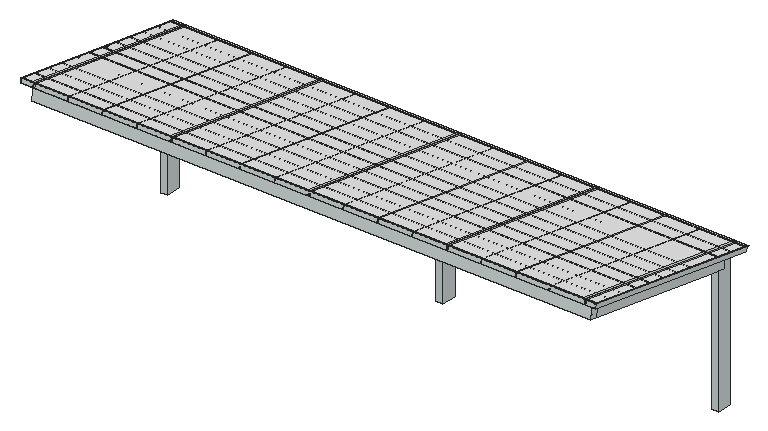
Revit family "Structures Unlimited Single Wing Canopy", category Generic Models, Revit 2018
Family settings
  Can host rebar = No
  Round Connector Dimension = Use Diameter
  Part Type = Normal
  Work Plane-Based = No
  Always vertical = Yes
  Cut with Voids When Loaded = No
  Shared = Yes
  Room Calculation Point = No
Parameters (values of type "KCRF Aluminum #79")
  Out To Out Of Box Beams Span [instance] = 10' - 0"
  Vertical PD [instance] = (Real Out To Out Of Box Beams Span + 0' 10") / cos(Real Roof Pitch)  # 10' - 11.7923"
  URL = "https://www.structuresunlimitedinc.com/sui-3d-details/sui-single-wing-canopy-wide-column-spacing/"
  Roof Pitch [instance] = 9.46°
  Ridge Girder Length [instance] = Center To Center Of Beams + Beam Width  # 32' - 5"
  Real Out To Out Of Box Beams Span [instance] = if(Out To Out Of Box Beams Span < 5' 0", 5' 0", if(Out To Out Of Box Beams Span > 14' 0", 14' 0", Out To Out Of Box Beams Span))  # 10' - 0"
  Real Roof Pitch [instance] = if(Roof Pitch < 9.46°, 9.46°, if(Roof Pitch > 45.00°, 45.00°, Roof Pitch))  # 9.46°
  Real Out To Out Of Box Beams Length [instance] = if(Out To Out Of Box Beams Length < 10' 0", 10' 0", if(Out To Out Of Box Beams Length > 200' 0", 200' 0", Out To Out Of Box Beams Length))  # 32' - 5"
  Real Column Height [instance] = if(Column Height < 2' 0", 2' 0", if(Column Height > 12' 0", 12' 0", Column Height))  # 8' - 0"
  Center To Center Of Beams [instance] = Real Out To Out Of Box Beams Length - Beam Width  # 32' - 0"
  Panel Offset [instance] = 0' 6" / cos(Real Roof Pitch)  # 0' - 6.08272"
  Outside Of Column [instance] = Beam Height / 2  # 0' - 5"
  Out To Out Of Box Beams Length [instance] = 32' - 5"
  Number Of Intmdt Rafters [instance] = if(Column Spacing = Bay Spacing, Number Of Columns, Number Of Columns * 2 - 1)  # 5
  Number Of Horizontal Grids [instance] = Bay Spacing / 2' 0"  # 4
  Number Of Columns [instance] = if((Center To Center Of Beams / Real Nominal Column Spacing) > 1, roundup(Center To Center Of Beams / Real Nominal Column Spacing) + 1, 2)  # 3
  Number Of Bays [instance] = Number Of Intmdt Rafters - 1  # 4
  Real Nominal Column Spacing [instance] = if(Nominal Column Spacing < 5' 0", 5' 0", if(Nominal Column Spacing > 20' 0", 20' 0", Nominal Column Spacing))  # 16' - 0"
  Nominal Column Spacing [instance] = 16' - 0"
  Model = "Single Wing Canopy"
  Manufacturer = "Structures Unlimited, Inc."
  KCRF = KCRF Aluminum #79
  Horizontal PD [instance] = Center To Center Of Beams + Beam Width + 1' 0"  # 33' - 5"
  Horizontal Grid Spacing [instance] = Bay Spacing / Number Of Horizontal Grids  # 2' - 0"
  Even Number Of Horizontal Grids Real [instance] = if(Even Number Of Bays, Even Number Of Bays, Even Number Of Horizontal Grids)  # yes
  Even Number Of Horizontal Grids [instance] = roundup(Number Of Horizontal Grids / 2) = rounddown(Number Of Horizontal Grids / 2)  # yes
  Even Number Of Bays [instance] = roundup(Number Of Bays / 2) = rounddown(Number Of Bays / 2)  # yes
  Eave Girder Length [instance] = Center To Center Of Beams - Beam Width  # 31' - 7"
  Column Spacing [instance] = Center To Center Of Beams / (Number Of Columns - 1)  # 16' - 0"
  Column Height [instance] = 8' - 0"
  Center Of Canopy [instance] = Center To Center Of Beams / 2  # 16' - 0"
  Beam Width [instance] = 0' - 5"  # constant formula
  Beam Height [instance] = 0' - 10"  # constant formula
  Bay Spacing [instance] = if(Column Spacing > 10' 0", Column Spacing * 0.5, Column Spacing)  # 8' - 0"
Reference planes (in)
  plane 1 "Center (Front/Back)": y = 0
  plane 2: z = 0
  plane 3 "Center (Left/Right)": x = 0
  plane 4: z = 0
  plane 5: z = 96
  plane 6: x = 192
  plane 7: y = 5
  plane 8: y = -115
  plane 9 "Roof Plane": through (0, 515.17994, 136.8903) normal (0, 0.1644, 0.9864)
Lines and regions (in)
  reference lines
    curve 1: line (0, 5, 96) -> (0, -115, 115.995)
    curve 2: line (0, -115, 115.995) -> (0, -148.52924, -85.23072)
    curve 3: line (0, 5, 96) -> (0, -35.43232, -146.65454)
    curve 4: line (0, 8.2772, 78.65939) -> (0, -29.43232, -147.65429)
Dimensions and locks (in)
  "Real Column Height": plane 5 to plane 4
  "Center Of Canopy": plane 3 "Center (Left/Right)" to plane 6
  "Outside Of Column": plane 1 "Center (Front/Back)" to plane 7
  "Real Out To Out Of Box Beams Span": plane 7 to plane 8
  locked: curve 1 to plane 5
  locked: plane 7 to curve 1 at 0
  locked: plane 8 to curve 1 at 0
  "Panel Offset": curve 4 to curve 3
  "Real Roof Pitch": angle plane 5 to curve 1
  locked: curve 1 to curve 2 (angle 90.00°)
  "Real Roof Pitch": angle plane 2 to plane 9 "Roof Plane"
  "Real Roof Pitch": angle plane 7 to curve 3
  "Real Roof Pitch": angle plane 7 to curve 4
  aligned and locked: plane 2 to level
  aligned and locked: plane 6 to nested 1
  aligned and locked: plane 5 to nested 1
  aligned and locked: plane 7 to nested 1
  aligned and locked: nested 2 to plane 6
  aligned and locked: curve 1 to nested 2
  aligned and locked: nested 2 to curve 2
  aligned and locked: nested 3 to curve 4
  aligned and locked: nested 3 to curve 1
  aligned and locked: nested 3 to plane 6
  aligned and locked: nested 4 to plane 3 "Center (Left/Right)"
  aligned and locked: plane 1 "Center (Front/Back)" to nested 4
  aligned and locked: nested 4 to plane 4
  aligned and locked: nested 5 to plane 3 "Center (Left/Right)"
  aligned and locked: plane 1 "Center (Front/Back)" to nested 5
  aligned and locked: plane 4 to nested 5
  aligned and locked: plane 4 to plane 2
Automatic sketch dimensions
  curve 3 to curve 4 = 0' - 6"
Nested families (in)
  nested 1: "Single Wing Canopy Girder" at (192, 2.5, 86), Beam Width <- "Beam Width", Beam Height <- "Beam Height", CRF <- "KCRF", Girder Length <- "Eave Girder Length", type "Single Wing Canopy Girder"
    with Girder Length 31' - 7", CRF KCRF Aluminum #79, Beam Width 0' - 5", Beam Height 0' - 10"
  nested 2: "Single Wing Canopy Girder" at (192, -114.17759, 105.7201) x (1, 0, 0) z (0, 0.1644, 0.9864), Beam Width <- "Beam Width", Beam Height <- "Beam Height", CRF <- "KCRF", Girder Length <- "Ridge Girder Length", type "Single Wing Canopy Girder"
    with Girder Length 32' - 5", CRF KCRF Aluminum #79, Beam Width 0' - 5", Beam Height 0' - 10"
  nested 3: "Single Wing Canopy Panels" at (192, 11, 95.00025) x (-1, 0, 0) z (0, 0.1644, 0.9864), CRF <- "KCRF", Bay Spacing <- "Bay Spacing", Horizontal PD <- "Horizontal PD", Vertical PD <- "Vertical PD", Even Bays <- "Even Number Of Bays", Horizontal Grid Spacing <- "Horizontal Grid Spacing", Even Grids <- "Even Number Of Horizontal Grids Real", type "Single Wing Canopy Panels"
    with Vertical PD 10' - 11.7923", Vertical Grid Spacing 1' - 0", Panel Skin Thickness 0' - 0.063", Panel Angle 90.00°, Overlap Width 0' - 1 3/4", Overlap Offset 0' - 0 7/8", IBeam Width 0' - 0 1/2", IBeam Thickness 0' - 2 5/8", Horizontal PD 33' - 5", Horizontal Grid Spacing 2' - 0", Half IBeam Width 0' - 0 1/4", Half Horizontal PD 16' - 8 1/2", Grid Offset 0' - 0", Even Grids yes, Even Bays yes, CRF KCRF Aluminum #79, Bay Spacing 8' - 0", Batten Width 0' - 2", Batten Thickness 0' - 0 1/8", Batten Offset 0' - 0"
  nested 4: "Single Wing Canopy Rafter" at (0, 0, 0) x (0, -1, 0) z (0, 0, 1), Beam Height <- "Beam Height", CRF <- "KCRF", Beam Width <- "Beam Width", CTR To CTR Of Beams <- "Center To Center Of Beams", Column Height <- "Real Column Height", Column Spacing <- "Bay Spacing", Roof Pitch <- "Real Roof Pitch", Width Of Canopy <- "Real Out To Out Of Box Beams Span", type "Single Wing Canopy Rafter"
    with Width Of Canopy 10' - 0", Void Width 7' - 7", Void Offset 4' - 0", Roof Pitch 9.46°, Half Beam Width 0' - 2 1/2", Half Beam Height 0' - 5", Column Spacing 8' - 0", Column Height 8' - 0", CTR To CTR Of Beams 32' - 0", CRF KCRF Aluminum #79, Beam Width 0' - 5", Beam Height 0' - 10"
  nested 5: "Single Wing Canopy Column" at (0, 0, 0) x (0, -1, 0) z (0, 0, 1), CRF <- "KCRF", Beam Height <- "Beam Height", Beam Width <- "Beam Width", CTR To CTR Of Beams <- "Center To Center Of Beams", Column Height <- "Real Column Height", Column Spacing <- "Column Spacing", Roof Pitch <- "Real Roof Pitch", Width Of Canopy <- "Real Out To Out Of Box Beams Span", type "Single Wing Canopy Column"
    with Width Of Canopy 10' - 0", Void Width 15' - 7", Void Offset 8' - 0", Roof Pitch 9.46°, Half Beam Width 0' - 2 1/2", Half Beam Height 0' - 5", Column Spacing 16' - 0", Column Height 8' - 0", CTR To CTR Of Beams 32' - 0", CRF KCRF Aluminum #79, Beam Width 0' - 5", Beam Height 0' - 10"
Definition of nested family "Single Wing Canopy Girder"
  Parameters (values of type "Single Wing Canopy Girder")
    Girder Length [instance] = 17' - 1"
    Default Elevation = 4' - 0"
    CRF [instance] = none
    Beam Width [instance] = 0' - 5"
    Beam Height [instance] = 0' - 10"
  Reference planes (in)
    plane 1 "Center (Front/Back)": y = 0
    plane 2: z = 0
    plane 3 "Center (Left/Right)": x = 0
    plane 4: x = -102.5
    plane 5: x = 102.5
    plane 6: y = -2.5
    plane 7: y = 2.5
    plane 8: z = 10
  Forms (in)
    Extrusion 1, solid, material <- "CRF"
      sketch origin (0, 0, 0) x (0, 1, 0) y (0, 0, 1)
        loop
          line (2.5, 10) -> (-2.5, 10) -> (-2.5, 0) -> (2.5, 0) -> (2.5, 10)
      from -102.5 to 102.5
  Dimensions and locks (in)
    equal spacing: plane 7, plane 1 "Center (Front/Back)", plane 6
    equal spacing: plane 4, plane 3 "Center (Left/Right)", plane 5
    "Beam Width": plane 7 to plane 6
    "Girder Length": plane 4 to plane 5
    "Beam Height": plane 8 to plane 2
    aligned and locked: level to plane 2
    aligned and locked: Extrusion 1 sketch curve to plane 8
    aligned and locked: plane 6 to Extrusion 1 sketch curve
    aligned and locked: Extrusion 1 sketch curve to plane 7
    aligned and locked: plane 2 to Extrusion 1 sketch curve
    aligned and locked: Extrusion 1 to plane 4
    aligned and locked: plane 5 to Extrusion 1
Definition of nested family "Single Wing Canopy Panels"
  Parameters (values of type "Single Wing Canopy Panels")
    Vertical PD [instance] = 14' - 7"
    Vertical Grid Spacing [instance] = 1' - 0"  # constant formula
    Panel Skin Thickness [instance] = 0' - 0.063"  # constant formula
    Panel Angle [instance] = 90.00°
    Overlap Width [instance] = 0' - 1 3/4"  # constant formula
    Overlap Offset [instance] = Overlap Width / 2  # 0' - 0 7/8"
    IBeam Width [instance] = 0' - 0 1/2"  # constant formula
    IBeam Thickness [instance] = 0' - 2 5/8"  # constant formula
    Horizontal PD [instance] = 16' - 8"
    Horizontal Grid Spacing [instance] = 2' - 0"
    Half IBeam Width [instance] = IBeam Width / 2  # 0' - 0 1/4"
    Half Horizontal PD [instance] = Horizontal PD / 2  # 8' - 4"
    Grid Offset [instance] = if(Even Grids, 0' 0", Horizontal Grid Spacing / 2)  # 1' - 0"
    Even Grids [instance] = no
    Even Bays [instance] = no
    Default Elevation = 4' - 0"
    CRF [instance] = none
    Bay Spacing [instance] = 8' - 0"
    Batten Width [instance] = 0' - 2"  # constant formula
    Batten Thickness [instance] = 0' - 0 1/8"  # constant formula
    Batten Offset [instance] = if(Even Bays, 0' 0", Bay Spacing / 2)  # 4' - 0"
  Reference planes (in)
    plane 1 "Center (Front/Back)": y = 0
    plane 2: z = 0
    plane 3 "Center (Left/Right)": x = 0
    plane 4 "Left Panel": x = -100
    plane 5 "Right Panel": x = 100
    plane 6: z = 0.063
    plane 7: z = 2.688
    plane 8: z = 2.751
    plane 9: y = -1.75
    plane 10 "Left Outside": x = -2000
    plane 11 "Right Outside": x = 2000
    plane 12: y = 0.25
    plane 13 "Max Top PD": y = 1080
    plane 14 "Max Left PD": x = -1976
    plane 15 "Max Right PD": x = 1976
    plane 16 "Top Outside": y = 1104
    plane 17: x = -36
    plane 18: x = -60
    plane 19: x = -84
    plane 20: x = -108
    plane 21: x = -132
    plane 22: x = -156
    plane 23: x = -180
    plane 24: x = -204
    plane 25: x = 12
    plane 26: x = 36
    plane 27: x = 60
    plane 28: x = 84
    plane 29: x = 108
    plane 30: x = 132
    plane 31: x = 156
    plane 32: x = 180
    plane 33: x = 204
    plane 34: x = -228
    plane 35: x = -252
    plane 36: x = 228
    plane 37: x = -276
    plane 38: x = -300
    plane 39: x = -324
    plane 40: x = -348
    plane 41: x = -372
    plane 42: x = -396
    plane 43: x = -420
    plane 44: x = 252
    plane 45: x = 276
    plane 46: x = 300
    plane 47: x = 324
    plane 48: x = 348
    plane 49: x = 372
    plane 50: x = 396
    plane 51: y = 12.25
    plane 52: y = 24.25
    plane 53: y = 36.25
    plane 54: y = 48.25
    plane 55: y = 60.25
    plane 56: y = 72.25
    plane 57: y = 84.25
    plane 58: y = 96.25
    plane 59: y = 108.25
    plane 60: z = 2.876
    plane 61: z = -0.125
    plane 62 "Bot Max": y = -36
    plane 63 "Bot Outside": y = -48
    plane 64: x = -444
    plane 65: x = -468
    plane 66: x = 420
    plane 67: x = 444
    plane 68: y = 120.25
    plane 69: y = 132.25
    plane 70: y = 144.25
    plane 71: y = 156.25
    plane 72: y = 168.25
    plane 73: y = 180.25
    plane 74: y = 192.25
    plane 75: y = 204.25
    plane 76: y = 216.25
    plane 77: y = 228.25
    plane 78: y = 240.25
    plane 79: y = 252.25
    plane 80: y = 264.25
    plane 81: y = 276.25
    plane 82: y = 288.25
    plane 83: y = 300.25
    plane 84: y = 312.25
    plane 85: y = 324.25
    plane 86: y = 336.25
    plane 87: y = 348.25
    plane 88: y = 360.25
    plane 89: y = 372.25
    plane 90: y = 384.25
    plane 91: y = 396.25
    plane 92: y = 408.25
    plane 93: y = 420.25
    plane 94: y = 432.25
    plane 95: y = 444.25
    plane 96: y = 456.25
    plane 97: y = 468.25
    plane 98: y = 480.25
    plane 99: y = 492.25
    plane 100: y = 504.25
    plane 101: y = 516.25
    plane 102: y = 528.25
    plane 103: x = -492
    plane 104: x = -516
    plane 105: x = -540
    plane 106: x = -564
    plane 107: x = -588
    plane 108: x = -612
    plane 109: x = -636
    plane 110: x = -660
    plane 111: x = -684
    plane 112: x = -708
    plane 113: x = -732
    plane 114: x = -756
    plane 115: x = 468
    plane 116: x = 492
    plane 117: x = 540
    plane 118: x = 516
    plane 119: x = 564
    plane 120: x = 588
    plane 121: x = 636
    plane 122: x = 612
    plane 123: x = 660
    plane 124: x = 684
    plane 125: x = 708
    plane 126: x = 732
    plane 127: y = 540.25
    plane 128: y = 552.25
    plane 129: y = 564.25
    plane 130: y = 576.25
    plane 131: y = 588.25
    plane 132: y = 600.25
    plane 133: y = 612.25
    plane 134: y = 624.25
    plane 135: y = 636.25
    plane 136: y = 648.25
    plane 137: y = 660.25
    plane 138: y = 684.25
    plane 139: y = 696.25
    plane 140: y = 672.25
    plane 141: y = 708.25
    plane 142: y = 720.25
    plane 143: y = 744.25
    plane 144: y = 732.25
    plane 145: y = 768.25
    plane 146: y = 756.25
    plane 147: y = 780.25
    plane 148: y = 804.25
    plane 149: y = 792.25
    plane 150: y = 816.25
    plane 151: y = 828.25
    plane 152: y = 840.25
    plane 153: y = 852.25
    plane 154: y = 864.25
    plane 155: y = 876.25
    plane 156: y = 888.25
    plane 157: y = 900.25
    plane 158: y = 912.25
    plane 159: y = 936.25
    plane 160: y = 948.25
    plane 161: y = 960.25
    plane 162: y = 924.25
    plane 163: x = -780
    plane 164: x = -804
    plane 165: x = -828
    plane 166: x = -852
    plane 167: x = -876
    plane 168: x = -900
    plane 169: x = -924
    plane 170: x = -948
    plane 171: x = -972
    plane 172: x = 756
    plane 173: x = 780
    plane 174: x = 804
    plane 175: x = 828
    plane 176: x = 852
    plane 177: x = 876
    plane 178: x = 900
    plane 179: x = 924
    plane 180: x = 948
    plane 181: x = -996
    plane 182: x = -1020
    plane 183: x = -1044
    plane 184: x = -1068
    plane 185: x = 972
    plane 186: x = 996
    plane 187: x = 1020
    plane 188: x = 1044
    plane 189: x = -1092
    plane 190: x = -1116
    plane 191: x = -1140
    plane 192: x = -1164
    plane 193: x = 1068
    plane 194: x = 1092
    plane 195: x = 1116
    plane 196: x = 1140
    plane 197: x = -1188
    plane 198: x = -1212
    plane 199: x = -1236
    plane 200: x = 1188
    plane 201: x = 1164
    plane 202: x = 1212
    plane 203: y = 175.25
    plane 204: x = -1200
    plane 205: x = -1104
    plane 206: x = -1008
    plane 207: x = -912
    plane 208: x = -816
    plane 209: x = -720
    plane 210: x = -624
    plane 211: x = -528
    plane 212: x = -432
    plane 213: x = -336
    plane 214: x = -240
    plane 215: x = -144
    plane 216: x = -48
    plane 217: x = 48
    plane 218: x = 144
    plane 219: x = 240
    plane 220: x = 336
    plane 221: x = 432
    plane 222: x = 528
    plane 223: x = 624
    plane 224: x = 720
    plane 225: x = 816
    plane 226: x = 912
    plane 227: x = 1008
    plane 228: x = 1104
    plane 229: x = 1200
    plane 230: x = -12
  Forms (in)
    Extrusion 1, solid
      sketch origin (0, 0, 0) x (1, 0, 0) y (0, 1, 0)
        loop
          line (1976, 0) -> (1976, 1080) -> (-1976, 1080) -> (-1976, 0) -> (1976, 0)
      from 0.063 to 0
    Extrusion 2, solid
      sketch origin (0, 0, 0) x (1, 0, 0) y (0, 1, 0)
        loop
          line (1976, -1.75) -> (1976, 1080) -> (-1976, 1080) -> (-1976, -1.75) -> (1976, -1.75)
      from 2.688 to 2.751
    Sweep 3, solid
      path origin (0, 0, 0) x (1, 0, 0) y (0, 1, 0)
        loop
          line (1976, 1080) -> (1976, 0.25) -> (1212, 0.25) -> (1212, 1080) -> (1188, 1080) -> (1188, 0.25) -> (1164, 0.25) -> (1164, 1080) -> (1140, 1080) -> (1140, 0.25) -> (1116, 0.25) -> (1116, 1080) -> (1092, 1080) -> (1092, 0.25) -> (1068, 0.25) -> (1068, 1080) -> (1044, 1080) -> (1044, 0.25) -> (1020, 0.25) -> (1020, 1080) -> (996, 1080) -> (996, 0.25) -> (972, 0.25) -> (972, 1080) -> (948, 1080) -> (948, 0.25) -> (924, 0.25) -> (924, 1080) -> (900, 1080) -> (900, 0.25) -> (876, 0.25) -> (876, 1080) -> (852, 1080) -> (852, 0.25) -> (828, 0.25) -> (828, 1080) -> (804, 1080) -> (804, 0.25) -> (780, 0.25) -> (780, 1080) -> (756, 1080) -> (756, 0.25) -> (732, 0.25) -> (732, 1080) -> (708, 1080) -> (708, 0.25) -> (684, 0.25) -> (684, 1080) -> (660, 1080) -> (660, 0.25) -> (636, 0.25) -> (636, 1080) -> (612, 1080) -> (612, 0.25) -> (588, 0.25) -> (588, 1080) -> (564, 1080) -> (564, 0.25) -> (540, 0.25) -> (540, 1080) -> (516, 1080) -> (516, 0.25) -> (492, 0.25) -> (492, 1080) -> (468, 1080) -> (468, 0.25) -> (444, 0.25) -> (444, 1080) -> (420, 1080) -> (420, 0.25) -> (396, 0.25) -> (396, 1080) -> (372, 1080) -> (372, 0.25) -> (348, 0.25) -> (348, 1080) -> (324, 1080) -> (324, 0.25) -> (300, 0.25) -> (300, 1080) -> (276, 1080) -> (276, 0.25) -> (252, 0.25) -> (252, 1080) -> (228, 1080) -> (228, 0.25) -> (204, 0.25) -> (204, 1080) -> (180, 1080) -> (180, 0.25) -> (156, 0.25) -> (156, 1080) -> (132, 1080) -> (132, 0.25) -> (108, 0.25) -> (108, 1080) -> (84, 1080) -> (84, 0.25) -> (60, 0.25) -> (60, 1080) -> (36, 1080) -> (36, 0.25) -> (12, 0.25) -> (12, 1080) -> (-12, 1080) -> (-12, 0.25) -> (-36, 0.25) -> (-36, 1080) -> (-60, 1080) -> (-60, 0.25) -> (-84, 0.25) -> (-84, 1080) -> (-108, 1080) -> (-108, 0.25) -> (-132, 0.25) -> (-132, 1080) -> (-156, 1080) -> (-156, 0.25) -> (-180, 0.25) -> (-180, 1080) -> (-204, 1080) -> (-204, 0.25) -> (-228, 0.25) -> (-228, 1080) -> (-252, 1080) -> (-252, 0.25) -> (-276, 0.25) -> (-276, 1080) -> (-300, 1080) -> (-300, 0.25) -> (-324, 0.25) -> (-324, 1080) -> (-348, 1080) -> (-348, 0.25) -> (-372, 0.25) -> (-372, 1080) -> (-396, 1080) -> (-396, 0.25) -> (-420, 0.25) -> (-420, 1080) -> (-444, 1080) -> (-444, 0.25) -> (-468, 0.25) -> (-468, 1080) -> (-492, 1080) -> (-492, 0.25) -> (-516, 0.25) -> (-516, 1080) -> (-540, 1080) -> (-540, 0.25) -> (-564, 0.25) -> (-564, 1080) -> (-588, 1080) -> (-588, 0.25) -> (-612, 0.25) -> (-612, 1080) -> (-636, 1080) -> (-636, 0.25) -> (-660, 0.25) -> (-660, 1080) -> (-684, 1080) -> (-684, 0.25) -> (-708, 0.25) -> (-708, 1080) -> (-732, 1080) -> (-732, 0.25) -> (-756, 0.25) -> (-756, 1080) -> (-780, 1080) -> (-780, 0.25) -> (-804, 0.25) -> (-804, 1080) -> (-828, 1080) -> (-828, 0.25) -> (-852, 0.25) -> (-852, 1080) -> (-876, 1080) -> (-876, 0.25) -> (-900, 0.25) -> (-900, 1080) -> (-924, 1080) -> (-924, 0.25) -> (-948, 0.25) -> (-948, 1080) -> (-972, 1080) -> (-972, 0.25) -> (-996, 0.25) -> (-996, 1080) -> (-1020, 1080) -> (-1020, 0.25) -> (-1044, 0.25) -> (-1044, 1080) -> (-1068, 1080) -> (-1068, 0.25) -> (-1092, 0.25) -> (-1092, 1080) -> (-1116, 1080) -> (-1116, 0.25) -> (-1140, 0.25) -> (-1140, 1080) -> (-1164, 1080) -> (-1164, 0.25) -> (-1188, 0.25) -> (-1188, 1080) -> (-1212, 1080) -> (-1212, 0.25) -> (-1236, 0.25) -> (-1236, 1080) -> (-1976, 1080) -> (-1976, 0.25)
      profile origin (-1976, 540.125, 0) x (1, 0, 0) y (0, 0, 1)
        loop
          line (0.25, 0.063) -> (0.25, 2.688) -> (-0.25, 2.688) -> (-0.25, 0.063) -> (0.25, 0.063)
    Sweep 4, solid
      path origin (0, 0, 0) x (1, 0, 0) y (0, 1, 0)
        loop
          line (1976, 1080) -> (-1976, 1080) -> (-1976, 960.25) -> (1976, 960.25) -> (1976, 948.25) -> (-1976, 948.25) -> (-1976, 936.25) -> (1976, 936.25) -> (1976, 924.25) -> (-1976, 924.25) -> (-1976, 912.25) -> (1976, 912.25) -> (1976, 900.25) -> (-1976, 900.25) -> (-1976, 888.25) -> (1976, 888.25) -> (1976, 876.25) -> (-1976, 876.25) -> (-1976, 864.25) -> (1976, 864.25) -> (1976, 852.25) -> (-1976, 852.25) -> (-1976, 840.25) -> (1976, 840.25) -> (1976, 828.25) -> (-1976, 828.25) -> (-1976, 816.25) -> (1976, 816.25) -> (1976, 804.25) -> (-1976, 804.25) -> (-1976, 792.25) -> (1976, 792.25) -> (1976, 780.25) -> (-1976, 780.25) -> (-1976, 768.25) -> (1976, 768.25) -> (1976, 756.25) -> (-1976, 756.25) -> (-1976, 744.25) -> (1976, 744.25) -> (1976, 732.25) -> (-1976, 732.25) -> (-1976, 720.25) -> (1976, 720.25) -> (1976, 708.25) -> (-1976, 708.25) -> (-1976, 696.25) -> (1976, 696.25) -> (1976, 684.25) -> (-1976, 684.25) -> (-1976, 672.25) -> (1976, 672.25) -> (1976, 660.25) -> (-1976, 660.25) -> (-1976, 648.25) -> (1976, 648.25) -> (1976, 636.25) -> (-1976, 636.25) -> (-1976, 624.25) -> (1976, 624.25) -> (1976, 612.25) -> (-1976, 612.25) -> (-1976, 600.25) -> (1976, 600.25) -> (1976, 588.25) -> (-1976, 588.25) -> (-1976, 576.25) -> (1976, 576.25) -> (1976, 564.25) -> (-1976, 564.25) -> (-1976, 552.25) -> (1976, 552.25) -> (1976, 540.25) -> (-1976, 540.25) -> (-1976, 528.25) -> (1976, 528.25) -> (1976, 516.25) -> (-1976, 516.25) -> (-1976, 504.25) -> (1976, 504.25) -> (1976, 492.25) -> (-1976, 492.25) -> (-1976, 480.25) -> (1976, 480.25) -> (1976, 468.25) -> (-1976, 468.25) -> (-1976, 456.25) -> (1976, 456.25) -> (1976, 444.25) -> (-1976, 444.25) -> (-1976, 432.25) -> (1976, 432.25) -> (1976, 420.25) -> (-1976, 420.25) -> (-1976, 408.25) -> (1976, 408.25) -> (1976, 396.25) -> (-1976, 396.25) -> (-1976, 384.25) -> (1976, 384.25) -> (1976, 372.25) -> (-1976, 372.25) -> (-1976, 360.25) -> (1976, 360.25) -> (1976, 348.25) -> (-1976, 348.25) -> (-1976, 336.25) -> (1976, 336.25) -> (1976, 324.25) -> (-1976, 324.25) -> (-1976, 312.25) -> (1976, 312.25) -> (1976, 300.25) -> (-1976, 300.25) -> (-1976, 288.25) -> (1976, 288.25) -> (1976, 276.25) -> (-1976, 276.25) -> (-1976, 264.25) -> (1976, 264.25) -> (1976, 252.25) -> (-1976, 252.25) -> (-1976, 240.25) -> (1976, 240.25) -> (1976, 228.25) -> (-1976, 228.25) -> (-1976, 216.25) -> (1976, 216.25) -> (1976, 204.25) -> (-1976, 204.25) -> (-1976, 192.25) -> (1976, 192.25) -> (1976, 180.25) -> (-1976, 180.25) -> (-1976, 168.25) -> (1976, 168.25) -> (1976, 156.25) -> (-1976, 156.25) -> (-1976, 144.25) -> (1976, 144.25) -> (1976, 132.25) -> (-1976, 132.25) -> (-1976, 120.25) -> (1976, 120.25) -> (1976, 108.25) -> (-1976, 108.25) -> (-1976, 96.25) -> (1976, 96.25) -> (1976, 84.25) -> (-1976, 84.25) -> (-1976, 72.25) -> (1976, 72.25) -> (1976, 60.25) -> (-1976, 60.25) -> (-1976, 48.25) -> (1976, 48.25) -> (1976, 36.25) -> (-1976, 36.25) -> (-1976, 24.25) -> (1976, 24.25) -> (1976, 12.25) -> (-1976, 12.25) -> (-1976, 0.25) -> (1976, 0.25)
      profile origin (0, 0.25, 0) x (0, 1, 0) y (0, 0, 1)
        loop
          line (-0.25, 2.688) -> (-0.25, 0.063) -> (0.25, 0.063) -> (0.25, 2.688) -> (-0.25, 2.688)
    Extrusion 5, void
      sketch origin (0, 0, 0) x (1, 0, 0) y (0, 1, 0)
        loop
          line (-100, -1.75) -> (-100, 175.25) -> (100, 175.25) -> (100, -1.75) -> (2000, -1.75) -> (2000, 1104) -> (-2000, 1104) -> (-2000, -1.75) -> (-100, -1.75)
      from -0.125 to 2.876
    Extrusion 6, void
      sketch origin (0, 0, 0) x (1, 0, 0) y (0, 1, 0)
        loop
          line (-2000, -48) -> (2000, -48) -> (2000, 0) -> (-2000, 0) -> (-2000, -48)
      from -0.125 to 2.876
    Sweep 7, solid, material <- "CRF"
      path origin (0, 0, 0) x (1, 0, 0) y (0, 1, 0)
        loop
          line (1976, 1079.125) -> (-1976, 1079.125) -> (-1976, 959.375) -> (1976, 959.375) -> (1976, 899.375) -> (-1976, 899.375) -> (-1976, 839.375) -> (1976, 839.375) -> (1976, 779.375) -> (-1976, 779.375) -> (-1976, 719.375) -> (1976, 719.375) -> (1976, 659.375) -> (-1976, 659.375) -> (-1976, 599.375) -> (1976, 599.375) -> (1976, 539.375) -> (-1976, 539.375) -> (-1976, 479.375) -> (1976, 479.375) -> (1976, 419.375) -> (-1976, 419.375) -> (-1976, 359.375) -> (1976, 359.375) -> (1976, 299.375) -> (-1976, 299.375) -> (-1976, 239.375) -> (1976, 239.375) -> (1976, 179.375) -> (-1976, 179.375) -> (-1976, 119.375) -> (1976, 119.375) -> (1976, 59.375) -> (-1976, 59.375)
      profile origin (0, 59.375, 0) x (0, -1, 0) y (0, 0, 1)
        loop
          line (-0.875, 2.688) -> (-0.875, -0.125) -> (0.875, -0.125) -> (0.875, 2.688) -> (-0.875, 2.688)
    Sweep 8, solid, material <- "CRF"
      path origin (0, 0, 0) x (1, 0, 0) y (0, 1, 0)
        loop
          line (1976, -36) -> (1976, 1080) -> (1200, 1080) -> (1200, -36) -> (1104, -36) -> (1104, 1080) -> (1008, 1080) -> (1008, -36) -> (912, -36) -> (912, 1080) -> (816, 1080) -> (816, -36) -> (720, -36) -> (720, 1080) -> (624, 1080) -> (624, -36) -> (528, -36) -> (528, 1080) -> (432, 1080) -> (432, -36) -> (336, -36) -> (336, 1080) -> (240, 1080) -> (240, -36) -> (144, -36) -> (144, 1080) -> (48, 1080) -> (48, -36) -> (-48, -36) -> (-48, 1080) -> (-144, 1080) -> (-144, -36) -> (-240, -36) -> (-240, 1080) -> (-336, 1080) -> (-336, -36) -> (-432, -36) -> (-432, 1080) -> (-528, 1080) -> (-528, -36) -> (-624, -36) -> (-624, 1080) -> (-720, 1080) -> (-720, -36) -> (-816, -36) -> (-816, 1080) -> (-912, 1080) -> (-912, -36) -> (-1008, -36) -> (-1008, 1080) -> (-1104, 1080) -> (-1104, -36) -> (-1200, -36) -> (-1200, 1080) -> (-1976, 1080) -> (-1976, -36)
      profile origin (-1976, 522, 0) x (1, 0, 0) y (0, 0, 1)
        loop
          line (-1, 2.876) -> (-1, -0.125) -> (1, -0.125) -> (1, 2.876) -> (-1, 2.876)
    Sweep 9, solid, material <- "CRF"
      path origin (0, 0, 0) x (1, 0, 0) y (0, 1, 0)
        loop
          line (100, -0.125) -> (100, 175.25) -> (-100, 175.25) -> (-100, -0.125)
      profile origin (-100, 87.5625, 0) x (1, 0, 0) y (0, 0, 1)
        loop
          line (0.5, -0.125) -> (0.5, 0) -> (0, 0) -> (0, 2.751) -> (0.5, 2.751) -> (0.5, 2.876) -> (-0.125, 2.876) -> (-0.125, -0.125) -> (0.5, -0.125)
    Extrusion 10, solid, material <- "CRF"
      sketch origin (0, 0, 0) x (0, 1, 0) y (0, 0, 1)
        loop
          line (-1.75, 2.563) -> (-0.125, 2.563) -> (-0.125, -0.125) -> (0.5, -0.125) -> (0.5, 0) -> (0, 0) -> (0, 2.688) -> (-1.75, 2.688) -> (-1.75, 2.563)
      from -100 to 100
  Cuts and joins
    Extrusion 5, Extrusion 6 cuts Sweep 4
    Extrusion 5, Extrusion 6 cuts Sweep 3
    Extrusion 5 cuts Extrusion 2
    Extrusion 5, Extrusion 6 cuts Extrusion 1
    Extrusion 5 cuts Sweep 7
    Extrusion 5, Extrusion 6 cuts Sweep 8
  Lines and regions (in)
    reference lines
      curve 1: line (-100, 0, 0) -> (-100, 318, 0)
      curve 2: line (100, 0, 0) -> (100, 456, 0)
  Dimensions and locks (in)
    locked: plane 1 "Center (Front/Back)" to curve 1
    locked: plane 4 "Left Panel" to curve 1
    locked: plane 5 "Right Panel" to curve 2
    locked: plane 1 "Center (Front/Back)" to curve 2 at 0
    "Panel Skin Thickness": plane 6 to plane 2
    "IBeam Thickness": plane 7 to plane 6
    "Panel Skin Thickness": plane 8 to plane 7
    "Half Horizontal PD": plane 4 "Left Panel" to plane 3 "Center (Left/Right)"
    "Half Horizontal PD": plane 3 "Center (Left/Right)" to plane 5 "Right Panel"
    "Overlap Width": plane 1 "Center (Front/Back)" to plane 9
    locked: plane 10 "Left Outside" to plane 3 "Center (Left/Right)" at 2000
    locked: plane 3 "Center (Left/Right)" to plane 11 "Right Outside" at 2000
    "Half IBeam Width": plane 1 "Center (Front/Back)" to plane 12
    locked: plane 1 "Center (Front/Back)" to plane 13 "Max Top PD" at 1080
    equal spacing: Sweep 3 sketch curve, profile plane, Sweep 3 sketch curve
    "IBeam Width": Sweep 3 sketch curve to Sweep 3 sketch curve
    "IBeam Width": Sweep 4 sketch curve to Sweep 4 sketch curve
    equal spacing: Sweep 4 sketch curve, plane 12, Sweep 4 sketch curve
    "Batten Thickness": plane 60 to plane 8
    "Batten Thickness": plane 2 to plane 61
    locked: plane 62 "Bot Max" to plane 1 "Center (Front/Back)" at 36
    locked: plane 63 "Bot Outside" to plane 1 "Center (Front/Back)" at 48
    "Vertical Grid Spacing": plane 102 to plane 101 to plane 100 to plane 99 to plane 98 to plane 97 to plane 96 to plane 95 to plane 94 to plane 93 to plane 92 to plane 91 to plane 90 to plane 89 to plane 88 to plane 87 to plane 86 to plane 85 to plane 84 to plane 83 to plane 82 to plane 81 to plane 80 to plane 79 to plane 78 to plane 77 to plane 76 to plane 75 to plane 74 to plane 73 to plane 72 to plane 71 to plane 70 to plane 69 to plane 68 to plane 59 to plane 58 to plane 57 to plane 56 to plane 55 to plane 54 to plane 53 to plane 52 to plane 51 to plane 12
    "Overlap Offset": Sweep 7 sketch curve to plane 55
    "Overlap Offset": plane 68 to Sweep 7 sketch curve
    "Overlap Offset": plane 73 to Sweep 7 sketch curve
    "Overlap Offset": plane 78 to Sweep 7 sketch curve
    "Overlap Offset": plane 83 to Sweep 7 sketch curve
    "Overlap Offset": Sweep 7 sketch curve to plane 88
    "Overlap Offset": plane 93 to Sweep 7 sketch curve
    "Overlap Offset": Sweep 7 sketch curve to plane 98
    "Overlap Offset": plane 13 "Max Top PD" to Sweep 7 sketch curve
    equal spacing: Sweep 7 sketch curve, profile plane, Sweep 7 sketch curve
    "Overlap Width": Sweep 7 sketch curve to Sweep 7 sketch curve
    locked: plane 10 "Left Outside" to plane 14 "Max Left PD" at 24
    locked: plane 15 "Max Right PD" to plane 11 "Right Outside" at 24
    locked: plane 16 "Top Outside" to plane 13 "Max Top PD" at 24
    "Vertical Grid Spacing": plane 102 to plane 127 to plane 128 to plane 129 to plane 130 to plane 131 to plane 132 to plane 133 to plane 134 to plane 135 to plane 136 to plane 137 to plane 140 to plane 138 to plane 139 to plane 141 to plane 142 to plane 144 to plane 143 to plane 146 to plane 145 to plane 147
    "Vertical Grid Spacing": plane 147 to plane 149 to plane 148 to plane 150 to plane 151 to plane 152 to plane 153 to plane 154 to plane 155 to plane 156 to plane 157 to plane 158 to plane 162 to plane 159 to plane 160 to plane 161
    "Overlap Offset": Sweep 7 sketch curve to plane 127
    "Overlap Offset": plane 132 to Sweep 7 sketch curve
    "Overlap Offset": Sweep 7 sketch curve to plane 137
    "Overlap Offset": Sweep 7 sketch curve to plane 142
    "Overlap Offset": Sweep 7 sketch curve to plane 147
    "Overlap Offset": Sweep 7 sketch curve to plane 152
    "Overlap Offset": plane 157 to Sweep 7 sketch curve
    "Overlap Offset": Sweep 7 sketch curve to plane 161
    "Vertical PD": plane 203 to plane 12
    "Batten Offset": plane 216 to plane 3 "Center (Left/Right)"
    "Bay Spacing": plane 204 to plane 205 to plane 206 to plane 207 to plane 208 to plane 209 to plane 210 to plane 211 to plane 212 to plane 213 to plane 214 to plane 215 to plane 216
    "Bay Spacing": plane 216 to plane 217 to plane 218 to plane 219 to plane 220 to plane 221 to plane 222 to plane 223 to plane 224 to plane 225 to plane 226 to plane 227 to plane 228
    equal spacing: Sweep 8 sketch curve, profile plane, Sweep 8 sketch curve
    "Batten Width": Sweep 8 sketch curve to Sweep 8 sketch curve
    "Bay Spacing": plane 228 to plane 229
    locked: Sweep 9 sketch curve to Sweep 9 sketch curve at 0.125  (x3)
    locked: Sweep 9 sketch curve to Sweep 9 sketch curve at 0.5
    locked: Extrusion 10 sketch curve to Extrusion 10 sketch curve at 0.125  (x3)
    locked: Extrusion 10 sketch curve to Extrusion 10 sketch curve at 0.5
    locked: Sweep 9 sketch curve to plane 1 "Center (Front/Back)" at 0.125  (x2)
    "Grid Offset": plane 230 to plane 3 "Center (Left/Right)"
    "Horizontal Grid Spacing": plane 199 to plane 198 to plane 197 to plane 192 to plane 191 to plane 190 to plane 189 to plane 184 to plane 183 to plane 182 to plane 181 to plane 171 to plane 170 to plane 169 to plane 168 to plane 167 to plane 166 to plane 165 to plane 164 to plane 163 to plane 114 to plane 113 to plane 112 to plane 111 to plane 110 to plane 109 to plane 108 to plane 107 to plane 106 to plane 105 to plane 104 to plane 103 to plane 65 to plane 64 to plane 43 to plane 42 to plane 41 to plane 40 to plane 39 to plane 38 to plane 37 to plane 35 to plane 34 to plane 24 to plane 23 to plane 22 to plane 21 to plane 20 to plane 19 to plane 18 to plane 17 to plane 230 to plane 25 to plane 26 to plane 27 to plane 28 to plane 29 to plane 30 to plane 31 to plane 32 to plane 33 to plane 36 to plane 44 to plane 45
    "Horizontal Grid Spacing": plane 45 to plane 46 to plane 47 to plane 48 to plane 49 to plane 50 to plane 66 to plane 67 to plane 115 to plane 116 to plane 118 to plane 117 to plane 119 to plane 120 to plane 122 to plane 121 to plane 123 to plane 124 to plane 125 to plane 126 to plane 172 to plane 173 to plane 174 to plane 175 to plane 176 to plane 177 to plane 178 to plane 179 to plane 180 to plane 185 to plane 186 to plane 187 to plane 188 to plane 193 to plane 194 to plane 195 to plane 196 to plane 201 to plane 200 to plane 202
    "Panel Angle": angle plane 1 "Center (Front/Back)" to curve 1
    "Panel Angle": angle curve 2 to plane 1 "Center (Front/Back)"
    aligned and locked: level to plane 2
    aligned and locked: Extrusion 1 sketch curve to plane 1 "Center (Front/Back)"
    aligned and locked: plane 2 to Extrusion 1
    aligned and locked: Extrusion 1 to plane 6
    aligned and locked: Extrusion 2 sketch curve to plane 9
    aligned and locked: Extrusion 2 to plane 7
    aligned and locked: Extrusion 2 to plane 8
    aligned and locked: Sweep 3 sketch curve to plane 14 "Max Left PD"
    aligned and locked: Sweep 3 sketch curve to plane 13 "Max Top PD"  (x42)
    aligned and locked: Sweep 3 sketch curve to plane 42
    aligned and locked: Sweep 3 sketch curve to plane 41
    aligned and locked: Sweep 3 sketch curve to plane 40
    aligned and locked: Sweep 3 sketch curve to plane 39
    aligned and locked: Sweep 3 sketch curve to plane 38
    aligned and locked: Sweep 3 sketch curve to plane 37
    aligned and locked: Sweep 3 sketch curve to plane 35
    aligned and locked: Sweep 3 sketch curve to plane 34
    aligned and locked: Sweep 3 sketch curve to plane 24
    aligned and locked: Sweep 3 sketch curve to plane 23
    aligned and locked: Sweep 3 sketch curve to plane 22
    aligned and locked: Sweep 3 sketch curve to plane 21
    aligned and locked: Sweep 3 sketch curve to plane 20
    aligned and locked: Sweep 3 sketch curve to plane 19
    aligned and locked: Sweep 3 sketch curve to plane 18
    aligned and locked: Sweep 3 sketch curve to plane 17
    aligned and locked: Sweep 3 sketch curve to plane 25
    aligned and locked: Sweep 3 sketch curve to plane 26
    aligned and locked: Sweep 3 sketch curve to plane 27
    aligned and locked: Sweep 3 sketch curve to plane 28
    aligned and locked: Sweep 3 sketch curve to plane 29
    aligned and locked: Sweep 3 sketch curve to plane 30
    aligned and locked: Sweep 3 sketch curve to plane 31
    aligned and locked: Sweep 3 sketch curve to plane 32
    aligned and locked: Sweep 3 sketch curve to plane 33
    aligned and locked: Sweep 3 sketch curve to plane 36
    aligned and locked: Sweep 3 sketch curve to plane 44
    aligned and locked: Sweep 3 sketch curve to plane 45
    aligned and locked: Sweep 3 sketch curve to plane 46
    aligned and locked: Sweep 3 sketch curve to plane 47
    aligned and locked: Sweep 3 sketch curve to plane 48
    aligned and locked: Sweep 3 sketch curve to plane 49
    aligned and locked: Sweep 3 sketch curve to plane 50
    aligned and locked: Sweep 3 sketch curve to plane 12  (x42)
    aligned and locked: plane 12 to Sweep 3 sketch curve  (x11)
    aligned and locked: Sweep 3 sketch curve to plane 7
    aligned and locked: plane 6 to Sweep 3 sketch curve
    aligned and locked: Extrusion 2 sketch curve to plane 15 "Max Right PD"
    aligned and locked: plane 14 "Max Left PD" to Extrusion 2 sketch curve
    aligned and locked: Extrusion 2 sketch curve to plane 13 "Max Top PD"
    aligned and locked: plane 13 "Max Top PD" to Extrusion 1 sketch curve
    aligned and locked: Extrusion 1 sketch curve to plane 14 "Max Left PD"
    aligned and locked: Extrusion 1 sketch curve to plane 15 "Max Right PD"
    aligned and locked: Sweep 4 sketch curve to plane 12
    aligned and locked: Sweep 4 sketch curve to plane 51
    aligned and locked: Sweep 4 sketch curve to plane 52
    aligned and locked: Sweep 4 sketch curve to plane 53
    aligned and locked: Sweep 4 sketch curve to plane 54
    aligned and locked: Sweep 4 sketch curve to plane 55
    aligned and locked: Sweep 4 sketch curve to plane 56
    aligned and locked: Sweep 4 sketch curve to plane 57
    aligned and locked: Sweep 4 sketch curve to plane 58
    aligned and locked: Sweep 4 sketch curve to plane 59
    aligned and locked: Sweep 4 sketch curve to plane 13 "Max Top PD"
    aligned and locked: plane 15 "Max Right PD" to Sweep 4 sketch curve
    aligned and locked: plane 14 "Max Left PD" to Sweep 4 sketch curve  (x41)
    aligned and locked: Sweep 4 sketch curve to plane 15 "Max Right PD"  (x41)
    aligned and locked: plane 6 to Sweep 4 sketch curve
    aligned and locked: Sweep 4 sketch curve to plane 7
    aligned and locked: Extrusion 5 sketch curve to plane 16 "Top Outside"
    aligned and locked: plane 9 to Extrusion 5 sketch curve
    aligned and locked: Extrusion 5 sketch curve to plane 9
    aligned and locked: Extrusion 5 sketch curve to curve 1
    aligned and locked: Extrusion 5 sketch curve to curve 2
    aligned and locked: Extrusion 5 sketch curve to plane 11 "Right Outside"
    aligned and locked: plane 10 "Left Outside" to Extrusion 5 sketch curve
    aligned and locked: Extrusion 5 to plane 61
    aligned and locked: Extrusion 5 to plane 60
    aligned and locked: Extrusion 6 sketch curve to plane 1 "Center (Front/Back)"
    aligned and locked: plane 11 "Right Outside" to Extrusion 6 sketch curve
    aligned and locked: Extrusion 6 sketch curve to plane 10 "Left Outside"
    aligned and locked: Extrusion 6 sketch curve to plane 63 "Bot Outside"
    aligned and locked: plane 61 to Extrusion 6
    aligned and locked: plane 60 to Extrusion 6
    aligned and locked: Sweep 3 sketch curve to plane 65
    aligned and locked: Sweep 3 sketch curve to plane 64
    aligned and locked: Sweep 3 sketch curve to plane 43
    aligned and locked: Sweep 3 sketch curve to plane 66
    aligned and locked: Sweep 3 sketch curve to plane 67
    aligned and locked: Sweep 3 sketch curve to plane 15 "Max Right PD"
    aligned and locked: plane 13 "Max Top PD" to Sweep 3 sketch curve  (x11)
    aligned and locked: Sweep 4 sketch curve to plane 68
    aligned and locked: Sweep 4 sketch curve to plane 69
    aligned and locked: Sweep 4 sketch curve to plane 70
    aligned and locked: Sweep 4 sketch curve to plane 71
    aligned and locked: Sweep 4 sketch curve to plane 72
    aligned and locked: Sweep 4 sketch curve to plane 73
    aligned and locked: Sweep 4 sketch curve to plane 74
    aligned and locked: Sweep 4 sketch curve to plane 75
    aligned and locked: Sweep 4 sketch curve to plane 76
    aligned and locked: Sweep 4 sketch curve to plane 77
    aligned and locked: Sweep 4 sketch curve to plane 78
    aligned and locked: Sweep 4 sketch curve to plane 79
    aligned and locked: Sweep 4 sketch curve to plane 80
    aligned and locked: Sweep 4 sketch curve to plane 81
    aligned and locked: Sweep 4 sketch curve to plane 82
    aligned and locked: Sweep 4 sketch curve to plane 83
    aligned and locked: Sweep 4 sketch curve to plane 84
    aligned and locked: Sweep 4 sketch curve to plane 85
    aligned and locked: Sweep 4 sketch curve to plane 86
    aligned and locked: Sweep 4 sketch curve to plane 87
    aligned and locked: Sweep 4 sketch curve to plane 88
    aligned and locked: Sweep 4 sketch curve to plane 89
    aligned and locked: Sweep 4 sketch curve to plane 90
    aligned and locked: Sweep 4 sketch curve to plane 91
    aligned and locked: Sweep 4 sketch curve to plane 92
    aligned and locked: Sweep 4 sketch curve to plane 93
    aligned and locked: Sweep 4 sketch curve to plane 94
    aligned and locked: Sweep 4 sketch curve to plane 95
    aligned and locked: Sweep 4 sketch curve to plane 96
    aligned and locked: Sweep 4 sketch curve to plane 97
    aligned and locked: Sweep 4 sketch curve to plane 98
    aligned and locked: Sweep 4 sketch curve to plane 99
    aligned and locked: Sweep 4 sketch curve to plane 100
    aligned and locked: Sweep 4 sketch curve to plane 101
    aligned and locked: Sweep 4 sketch curve to plane 102
    aligned and locked: plane 14 "Max Left PD" to Sweep 7 sketch curve  (x9)
    aligned and locked: Sweep 7 sketch curve to plane 15 "Max Right PD"  (x9)
    aligned and locked: Sweep 7 sketch curve to plane 7
    aligned and locked: Sweep 7 sketch curve to plane 61
    aligned and locked: Sweep 3 sketch curve to plane 103
    aligned and locked: Sweep 3 sketch curve to plane 104
    aligned and locked: Sweep 3 sketch curve to plane 105
    aligned and locked: Sweep 3 sketch curve to plane 106
    aligned and locked: Sweep 3 sketch curve to plane 107
    aligned and locked: Sweep 3 sketch curve to plane 108
    aligned and locked: Sweep 3 sketch curve to plane 109
    aligned and locked: Sweep 3 sketch curve to plane 110
    aligned and locked: Sweep 3 sketch curve to plane 111
    aligned and locked: Sweep 3 sketch curve to plane 112
    aligned and locked: Sweep 3 sketch curve to plane 113
    aligned and locked: Sweep 3 sketch curve to plane 114
    aligned and locked: Sweep 3 sketch curve to plane 115
    aligned and locked: Sweep 3 sketch curve to plane 116
    aligned and locked: Sweep 3 sketch curve to plane 118
    aligned and locked: Sweep 3 sketch curve to plane 117
    aligned and locked: Sweep 3 sketch curve to plane 119
    aligned and locked: Sweep 3 sketch curve to plane 120
    aligned and locked: Sweep 3 sketch curve to plane 122
    aligned and locked: Sweep 3 sketch curve to plane 121
    aligned and locked: Sweep 3 sketch curve to plane 123
    aligned and locked: Sweep 3 sketch curve to plane 124
    aligned and locked: Sweep 3 sketch curve to plane 125
    aligned and locked: Sweep 3 sketch curve to plane 126
    aligned and locked: Sweep 4 sketch curve to plane 127
    aligned and locked: Sweep 4 sketch curve to plane 128
    aligned and locked: Sweep 4 sketch curve to plane 129
    aligned and locked: Sweep 4 sketch curve to plane 130
    aligned and locked: Sweep 4 sketch curve to plane 131
    aligned and locked: Sweep 4 sketch curve to plane 132
    aligned and locked: Sweep 4 sketch curve to plane 133
    aligned and locked: Sweep 4 sketch curve to plane 134
    aligned and locked: Sweep 4 sketch curve to plane 135
    aligned and locked: Sweep 4 sketch curve to plane 136
    aligned and locked: Sweep 4 sketch curve to plane 137
    aligned and locked: Sweep 4 sketch curve to plane 140
    aligned and locked: Sweep 4 sketch curve to plane 138
    aligned and locked: Sweep 4 sketch curve to plane 139
    aligned and locked: Sweep 4 sketch curve to plane 141
    aligned and locked: Sweep 4 sketch curve to plane 142
    aligned and locked: Sweep 4 sketch curve to plane 144
    aligned and locked: Sweep 4 sketch curve to plane 143
    aligned and locked: Sweep 4 sketch curve to plane 146
    aligned and locked: Sweep 4 sketch curve to plane 145
    aligned and locked: Sweep 4 sketch curve to plane 147
    aligned and locked: Sweep 4 sketch curve to plane 149
    aligned and locked: Sweep 4 sketch curve to plane 148
    aligned and locked: Sweep 4 sketch curve to plane 150
    aligned and locked: Sweep 4 sketch curve to plane 151
    aligned and locked: Sweep 4 sketch curve to plane 152
    aligned and locked: Sweep 4 sketch curve to plane 153
    aligned and locked: Sweep 4 sketch curve to plane 154
    aligned and locked: Sweep 4 sketch curve to plane 155
    aligned and locked: Sweep 4 sketch curve to plane 156
    aligned and locked: Sweep 4 sketch curve to plane 157
    aligned and locked: Sweep 4 sketch curve to plane 158
    aligned and locked: Sweep 4 sketch curve to plane 162
    aligned and locked: Sweep 4 sketch curve to plane 159
    aligned and locked: Sweep 4 sketch curve to plane 160
    aligned and locked: Sweep 4 sketch curve to plane 161
    aligned and locked: Sweep 3 sketch curve to plane 163
    aligned and locked: Sweep 3 sketch curve to plane 164
    aligned and locked: Sweep 3 sketch curve to plane 165
    aligned and locked: Sweep 3 sketch curve to plane 166
    aligned and locked: Sweep 3 sketch curve to plane 167
    aligned and locked: Sweep 3 sketch curve to plane 168
    aligned and locked: Sweep 3 sketch curve to plane 169
    aligned and locked: Sweep 3 sketch curve to plane 170
    aligned and locked: Sweep 3 sketch curve to plane 171
    aligned and locked: Sweep 3 sketch curve to plane 181
    aligned and locked: Sweep 3 sketch curve to plane 182
    aligned and locked: Sweep 3 sketch curve to plane 183
    aligned and locked: Sweep 3 sketch curve to plane 189
    aligned and locked: Sweep 3 sketch curve to plane 190
    aligned and locked: Sweep 3 sketch curve to plane 191
    aligned and locked: Sweep 3 sketch curve to plane 192
    aligned and locked: Sweep 3 sketch curve to plane 197
    aligned and locked: Sweep 3 sketch curve to plane 198
    aligned and locked: Sweep 3 sketch curve to plane 199
    aligned and locked: Sweep 3 sketch curve to plane 184
    aligned and locked: Sweep 3 sketch curve to plane 172
    aligned and locked: Sweep 3 sketch curve to plane 173
    aligned and locked: Sweep 3 sketch curve to plane 174
    aligned and locked: Sweep 3 sketch curve to plane 175
    aligned and locked: Sweep 3 sketch curve to plane 176
    aligned and locked: Sweep 3 sketch curve to plane 177
    aligned and locked: Sweep 3 sketch curve to plane 178
    aligned and locked: Sweep 3 sketch curve to plane 179
    aligned and locked: Sweep 3 sketch curve to plane 180
    aligned and locked: Sweep 3 sketch curve to plane 185
    aligned and locked: Sweep 3 sketch curve to plane 186
    aligned and locked: Sweep 3 sketch curve to plane 187
    aligned and locked: Sweep 3 sketch curve to plane 188
    aligned and locked: Sweep 3 sketch curve to plane 193
    aligned and locked: Sweep 3 sketch curve to plane 194
    aligned and locked: Sweep 3 sketch curve to plane 195
    aligned and locked: Sweep 3 sketch curve to plane 196
    aligned and locked: Sweep 3 sketch curve to plane 201
    aligned and locked: Sweep 3 sketch curve to plane 200
    aligned and locked: Sweep 3 sketch curve to plane 202
    aligned and locked: Extrusion 5 sketch curve to plane 203
    aligned and locked: Sweep 8 sketch curve to plane 14 "Max Left PD"
    aligned and locked: Sweep 8 sketch curve to plane 204
    aligned and locked: Sweep 8 sketch curve to plane 205
    aligned and locked: Sweep 8 sketch curve to plane 206
    aligned and locked: Sweep 8 sketch curve to plane 207
    aligned and locked: Sweep 8 sketch curve to plane 208
    aligned and locked: Sweep 8 sketch curve to plane 209
    aligned and locked: Sweep 8 sketch curve to plane 210
    aligned and locked: Sweep 8 sketch curve to plane 211
    aligned and locked: Sweep 8 sketch curve to plane 62 "Bot Max"  (x10)
    aligned and locked: Sweep 8 sketch curve to plane 13 "Max Top PD"  (x14)
    aligned and locked: Sweep 8 sketch curve to plane 60
    aligned and locked: plane 61 to Sweep 8 sketch curve
    aligned and locked: Sweep 8 sketch curve to plane 212
    aligned and locked: Sweep 8 sketch curve to plane 213
    aligned and locked: Sweep 8 sketch curve to plane 214
    aligned and locked: Sweep 8 sketch curve to plane 215
    aligned and locked: Sweep 8 sketch curve to plane 216
    aligned and locked: Sweep 8 sketch curve to plane 217
    aligned and locked: Sweep 8 sketch curve to plane 218
    aligned and locked: Sweep 8 sketch curve to plane 219
    aligned and locked: Sweep 8 sketch curve to plane 220
    aligned and locked: Sweep 8 sketch curve to plane 221
    aligned and locked: Sweep 8 sketch curve to plane 222
    aligned and locked: Sweep 8 sketch curve to plane 223
    aligned and locked: plane 62 "Bot Max" to Sweep 8 sketch curve  (x5)
    aligned and locked: Sweep 8 sketch curve to plane 224
    aligned and locked: Sweep 8 sketch curve to plane 225
    aligned and locked: Sweep 8 sketch curve to plane 226
    aligned and locked: Sweep 8 sketch curve to plane 227
    aligned and locked: Sweep 8 sketch curve to plane 228
    aligned and locked: Sweep 8 sketch curve to plane 15 "Max Right PD"
    aligned and locked: Sweep 8 sketch curve to plane 229
    aligned and locked: Sweep 9 sketch curve to plane 4 "Left Panel"
    aligned and locked: Sweep 9 sketch curve to plane 5 "Right Panel"
    aligned and locked: Sweep 9 sketch curve to plane 203
    aligned and locked: Sweep 9 sketch curve to Sweep 9 sketch curve
    aligned and locked: Sweep 9 sketch curve to profile plane
    aligned and locked: plane 8 to Sweep 9 sketch curve
    aligned and locked: profile plane to Sweep 9 sketch curve
    aligned and locked: Extrusion 10 sketch curve to plane 7
    aligned and locked: plane 1 "Center (Front/Back)" to Extrusion 10 sketch curve
    aligned and locked: Extrusion 10 sketch curve to plane 2
    aligned and locked: plane 9 to Extrusion 10 sketch curve
    aligned and locked: Extrusion 10 to plane 4 "Left Panel"
    aligned and locked: plane 5 "Right Panel" to Extrusion 10
    aligned and locked: Sweep 3 sketch curve to plane 230
  Automatic sketch dimensions
    Sweep 3 sketch curve to plane 112 = 0' - 0"
Definition of nested family "Single Wing Canopy Rafter"
  Parameters (values of type "Single Wing Canopy Rafter")
    Width Of Canopy [instance] = 8' - 4"
    Void Width [instance] = Column Spacing - Beam Width  # 7' - 7"
    Void Offset [instance] = Column Spacing / 2  # 4' - 0"
    Roof Pitch [instance] = 15.00°
    Half Beam Width [instance] = Beam Width / 2  # 0' - 2 1/2"
    Half Beam Height [instance] = Beam Height / 2  # 0' - 7 1/2"
    Column Spacing [instance] = 8' - 0"
    Column Height [instance] = 6' - 8"
    CTR To CTR Of Beams [instance] = 12' - 6"
    CRF [instance] = none
    Beam Width [instance] = 0' - 5"
    Beam Height [instance] = 1' - 3"
  Reference planes (in)
    plane 1 "Center (Front/Back)": y = 0
    plane 2: z = 0
    plane 3 "Center (Left/Right)": x = 0
    plane 4: y = 150
    plane 5: y = -2.5
    plane 6: y = 152.5
    plane 7: x = 92.5
    plane 8: x = -7.5
    plane 9: x = 7.5
    plane 10: z = 80
    plane 11: x = -2.5
    plane 12: z = 85.26345
    plane 13: y = 144
    plane 14: y = 336
    plane 15: y = 528
    plane 16: y = 240
    plane 17: y = 48
    plane 18: y = 432
    plane 19: y = 624
    plane 20: y = 720
    plane 21: y = 816
    plane 22: y = 912
    plane 23: y = 1008
    plane 24: y = 1104
    plane 25: y = 1200
    plane 26: y = 1296
    plane 27: y = 1392
    plane 28: y = 1488
    plane 29: y = 1680
    plane 30: y = 1872
    plane 31: y = 1968
    plane 32: y = 1776
    plane 33: y = 1584
    plane 34: y = 2064
    plane 35: y = 2160
    plane 36: y = 2256
    plane 37: y = 2352
    plane 38: y = 2448
    plane 39: y = 2640
    plane 40: y = 2832
    plane 41: y = 3024
    plane 42: y = 2928
    plane 43: y = 2736
    plane 44: y = 2544
    plane 45: y = 3120
    plane 46: y = 3216
    plane 47: y = 3312
    plane 48: y = 3408
    plane 49: y = 3504
    plane 50: x = -750
    plane 51: x = 2000
    plane 52: z = 1200
  Forms (in)
    Sweep 1, void
      path origin (0, 0, 0) x (1, 0, 0) y (0, 1, 0)
        loop
          line (-750, 3504) -> (2000, 3504) -> (2000, 3408) -> (-750, 3408) -> (-750, 3312) -> (2000, 3312) -> (2000, 3216) -> (-750, 3216) -> (-750, 3120) -> (2000, 3120) -> (2000, 3024) -> (-750, 3024) -> (-750, 2928) -> (2000, 2928) -> (2000, 2832) -> (-750, 2832) -> (-750, 2736) -> (2000, 2736) -> (2000, 2640) -> (-750, 2640) -> (-750, 2544) -> (2000, 2544) -> (2000, 2448) -> (-750, 2448) -> (-750, 2352) -> (2000, 2352) -> (2000, 2256) -> (-750, 2256) -> (-750, 2160) -> (2000, 2160) -> (2000, 2064) -> (-750, 2064) -> (-750, 1968) -> (2000, 1968) -> (2000, 1872) -> (-750, 1872) -> (-750, 1776) -> (2000, 1776) -> (2000, 1680) -> (-750, 1680) -> (-750, 1584) -> (2000, 1584) -> (2000, 1488) -> (-750, 1488) -> (-750, 1392) -> (2000, 1392) -> (2000, 1296) -> (-750, 1296) -> (-750, 1200) -> (2000, 1200) -> (2000, 1104) -> (-750, 1104) -> (-750, 1008) -> (2000, 1008) -> (2000, 912) -> (-750, 912) -> (-750, 816) -> (2000, 816) -> (2000, 720) -> (-750, 720) -> (-750, 624) -> (2000, 624) -> (2000, 528) -> (-750, 528) -> (-750, 432) -> (2000, 432) -> (2000, 336) -> (-750, 336) -> (-750, 240) -> (2000, 240) -> (2000, 144) -> (-750, 144) -> (-750, 48) -> (2000, 48)
      profile origin (625, 48, 0) x (0, 1, 0) y (0, 0, 1)
        loop
          line (-45.5, 0) -> (45.5, 0) -> (45.5, 1200) -> (-45.5, 1200) -> (-45.5, 0)
    Extrusion 2, solid, material <- "CRF"
      sketch origin (0, 0, 0) x (1, 0, 0) y (0, 0, 1)
        loop
          line (-2.5, 65.8106) -> (91.55266, 91.01194) -> (87.67037, 105.50082) -> (-2.5, 81.33975) -> (-2.5, 65.8106)
      from 2.5 to -152.5
  Cuts and joins
    Sweep 1 cuts Extrusion 2
  Lines and regions (in)
    reference lines
      curve 1: line (-7.5, 0, 80) -> (186.65109, 0, 132.02263)
      curve 2: line (-33.01573, 0, 57.63394) -> (285.73979, 0, 143.04422)
      curve 3: line (92.5, 0, 106.79492) -> (136.75806, 0, -58.3784)
      curve 4: line (80.93379, 0, 130.6421) -> (138.39162, 0, -83.79344)
  Dimensions and locks (in)
    "CTR To CTR Of Beams": plane 1 "Center (Front/Back)" to plane 4
    "Half Beam Width": plane 5 to plane 1 "Center (Front/Back)"
    "Half Beam Width": plane 6 to plane 4
    equal spacing: plane 8, plane 3 "Center (Left/Right)", plane 9
    "Beam Height": plane 8 to plane 9
    "Width Of Canopy": plane 8 to plane 7
    "Column Height": plane 10 to plane 2
    locked: curve 1 to plane 10
    locked: plane 8 to curve 1 at 0
    "Beam Height": curve 2 to curve 1
    "Beam Width": plane 11 to plane 8
    "Void Offset": plane 1 "Center (Front/Back)" to plane 17
    "Column Spacing": plane 15 to plane 18 to plane 14 to plane 16 to plane 13 to plane 17
    "Column Spacing": plane 28 to plane 27 to plane 26 to plane 25 to plane 24 to plane 23 to plane 22 to plane 21 to plane 20 to plane 19 to plane 15
    "Column Spacing": plane 28 to plane 33 to plane 29 to plane 32 to plane 30 to plane 31 to plane 34 to plane 35 to plane 36 to plane 37 to plane 38 to plane 44 to plane 39 to plane 43 to plane 40 to plane 42 to plane 41
    "Column Spacing": plane 49 to plane 48 to plane 47 to plane 46 to plane 45 to plane 41
    locked: plane 3 "Center (Left/Right)" to plane 51 at 2000
    locked: plane 50 to plane 3 "Center (Left/Right)" at 750
    locked: plane 52 to plane 2 at 1200
    equal spacing: Sweep 1 sketch curve, profile plane, Sweep 1 sketch curve
    "Void Width": Sweep 1 sketch curve to Sweep 1 sketch curve
    "Beam Width": curve 4 to curve 3
    "Roof Pitch": angle plane 2 to curve 1
    "Roof Pitch": angle plane 2 to curve 2
    "Roof Pitch": angle plane 7 to curve 3
    "Roof Pitch": angle plane 7 to curve 4
    aligned and locked: plane 2 to level
    aligned and locked: Sweep 1 sketch curve to plane 17
    aligned and locked: Sweep 1 sketch curve to plane 13
    aligned and locked: Sweep 1 sketch curve to plane 16
    aligned and locked: Sweep 1 sketch curve to plane 14
    aligned and locked: Sweep 1 sketch curve to plane 18
    aligned and locked: Sweep 1 sketch curve to plane 15
    aligned and locked: Sweep 1 sketch curve to plane 19
    aligned and locked: Sweep 1 sketch curve to plane 20
    aligned and locked: Sweep 1 sketch curve to plane 21
    aligned and locked: Sweep 1 sketch curve to plane 22
    aligned and locked: Sweep 1 sketch curve to plane 23
    aligned and locked: Sweep 1 sketch curve to plane 24
    aligned and locked: Sweep 1 sketch curve to plane 25
    aligned and locked: Sweep 1 sketch curve to plane 26
    aligned and locked: Sweep 1 sketch curve to plane 27
    aligned and locked: Sweep 1 sketch curve to plane 28
    aligned and locked: Sweep 1 sketch curve to plane 33
    aligned and locked: Sweep 1 sketch curve to plane 29
    aligned and locked: Sweep 1 sketch curve to plane 32
    aligned and locked: Sweep 1 sketch curve to plane 30
    aligned and locked: Sweep 1 sketch curve to plane 31
    aligned and locked: Sweep 1 sketch curve to plane 34
    aligned and locked: Sweep 1 sketch curve to plane 35
    aligned and locked: Sweep 1 sketch curve to plane 36
    aligned and locked: Sweep 1 sketch curve to plane 37
    aligned and locked: Sweep 1 sketch curve to plane 38
    aligned and locked: Sweep 1 sketch curve to plane 44
    aligned and locked: Sweep 1 sketch curve to plane 39
    aligned and locked: Sweep 1 sketch curve to plane 43
    aligned and locked: Sweep 1 sketch curve to plane 40
    aligned and locked: Sweep 1 sketch curve to plane 42
    aligned and locked: Sweep 1 sketch curve to plane 41
    aligned and locked: Sweep 1 sketch curve to plane 45
    aligned and locked: Sweep 1 sketch curve to plane 46
    aligned and locked: Sweep 1 sketch curve to plane 47
    aligned and locked: Sweep 1 sketch curve to plane 48
    aligned and locked: Sweep 1 sketch curve to plane 49
    aligned and locked: plane 51 to Sweep 1 sketch curve  (x19)
    aligned and locked: Sweep 1 sketch curve to plane 50  (x18)
    aligned and locked: plane 50 to Sweep 1 sketch curve
    aligned and locked: Sweep 1 sketch curve to profile plane
    aligned and locked: plane 52 to Sweep 1 sketch curve
    aligned and locked: curve 2 to Extrusion 2 sketch curve
    aligned and locked: curve 1 to Extrusion 2 sketch curve
    aligned and locked: Extrusion 2 sketch curve to plane 11
    aligned and locked: Extrusion 2 to plane 5
    aligned and locked: plane 6 to Extrusion 2
    aligned and locked: curve 4 to Extrusion 2 sketch curve
  Automatic sketch dimensions
    plane 7 to curve 3 = 0' - 0"
    curve 2 to plane 12 = 2' - 3.62952"
    plane 7 to curve 4 = 0' - 11.56621"
Definition of nested family "Single Wing Canopy Column"
  Parameters (values of type "Single Wing Canopy Column")
    Width Of Canopy [instance] = 8' - 4"
